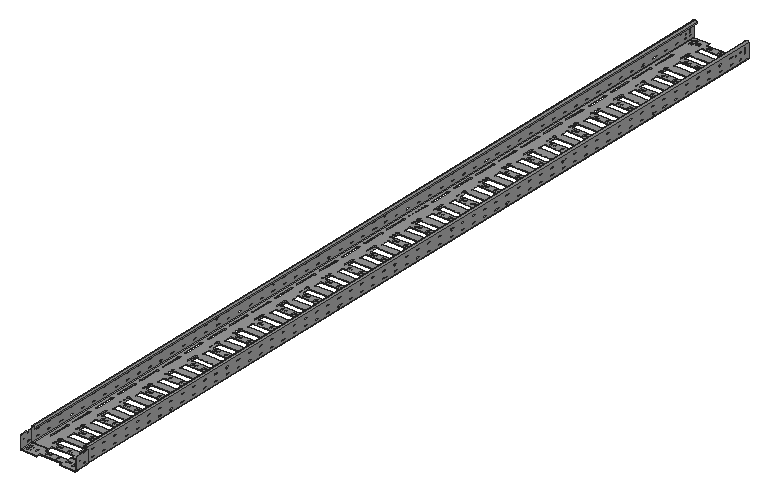
Revit family "MKSM Magic Kabelrinne 1 mm- MKSM 620 FT,FS", category Generic Models, Revit 2017 (continued)
Cuts and joins
  Extrusion 8, Extrusion 13, Extrusion 14, Extrusion 15, Extrusion 16, Extrusion 17, Extrusion 18, Extrusion 19, Extrusion 20, Extrusion 21, Extrusion 22, Extrusion 23, Extrusion 24, Extrusion 25, Extrusion 26, Extrusion 27, Extrusion 28, Extrusion 29, Extrusion 30, Extrusion 31, Extrusion 32, Extrusion 33, Extrusion 34, Extrusion 35, Extrusion 36, Extrusion 37, Extrusion 38, Extrusion 39, Extrusion 40, Extrusion 41, Extrusion 42, Extrusion 43, Extrusion 44, Extrusion 45, Extrusion 46, Extrusion 47, Extrusion 48, Extrusion 49, Extrusion 50, Extrusion 51, Extrusion 52, Extrusion 53, Extrusion 54, Extrusion 55, Extrusion 56, Extrusion 57, Extrusion 58, Extrusion 59, Extrusion 60, Extrusion 61, Extrusion 62, Extrusion 63, Extrusion 64, Extrusion 65, Extrusion 66, Extrusion 67, Extrusion 68, Extrusion 69, Extrusion 70, Extrusion 71, Extrusion 72, Extrusion 73, Extrusion 74, Extrusion 75, Extrusion 76, Extrusion 77, Extrusion 78, Extrusion 79, Extrusion 80, Extrusion 81, Extrusion 82, Extrusion 83, Extrusion 84, Extrusion 85, Extrusion 86, Extrusion 87, Extrusion 88, Extrusion 89, Extrusion 90, Extrusion 91, Extrusion 92, Extrusion 93, Extrusion 94, Extrusion 95, Extrusion 96, Extrusion 97, Extrusion 98, Extrusion 99, Extrusion 100, Extrusion 101, Extrusion 102, Extrusion 103, Extrusion 104, Extrusion 105, Extrusion 106, Extrusion 107, Extrusion 108, Extrusion 109, Extrusion 110, Extrusion 111, Extrusion 112, Extrusion 113, Extrusion 114, Extrusion 115, Extrusion 116, Extrusion 117, Extrusion 118, Extrusion 119, Extrusion 120, Extrusion 121, Extrusion 122, Extrusion 123, Extrusion 124, Extrusion 125, Extrusion 126, Extrusion 127, Extrusion 128, Extrusion 129, Extrusion 130, Extrusion 131, Extrusion 132, Extrusion 133, Extrusion 134, Extrusion 135, Extrusion 136, Extrusion 137, Extrusion 138, Extrusion 139, Extrusion 140, Extrusion 141, Extrusion 142, Extrusion 143, Extrusion 144, Extrusion 145, Extrusion 146, Extrusion 147, Extrusion 148, Extrusion 149, Extrusion 150, Extrusion 151, Extrusion 152, Extrusion 153, Extrusion 154, Extrusion 155, Extrusion 156, Extrusion 157, Extrusion 158, Extrusion 159, Extrusion 160, Extrusion 161, Extrusion 162, Extrusion 163, Extrusion 164, Extrusion 165, Extrusion 166, Extrusion 167, Extrusion 168, Extrusion 169, Extrusion 170, Extrusion 171, Extrusion 172, Extrusion 173, Extrusion 174, Extrusion 175, Extrusion 176, Extrusion 177, Extrusion 178, Extrusion 179, Extrusion 180, Extrusion 181, Extrusion 182, Extrusion 183, Extrusion 184, Extrusion 185, Extrusion 186, Extrusion 187, Extrusion 188, Extrusion 189, Extrusion 190, Extrusion 191, Extrusion 192, Extrusion 193, Extrusion 194, Extrusion 195, Extrusion 196, Extrusion 197, Extrusion 198, Extrusion 199, Extrusion 200, Extrusion 201, Extrusion 202, Extrusion 203, Extrusion 204, Extrusion 205, Extrusion 206, Extrusion 207, Extrusion 208, Extrusion 209, Extrusion 210, Extrusion 211, Extrusion 212, Extrusion 213, Extrusion 214, Extrusion 215, Extrusion 216, Extrusion 217, Extrusion 218, Extrusion 219, Extrusion 220, Extrusion 221, Extrusion 222, Extrusion 223, Extrusion 224, Extrusion 225, Extrusion 226, Extrusion 227, Extrusion 228, Extrusion 229, Extrusion 230, Extrusion 231, Extrusion 232, Extrusion 233, Extrusion 234, Extrusion 235, Extrusion 236, Extrusion 237, Extrusion 238, Extrusion 239, Extrusion 240, Extrusion 241, Extrusion 242, Extrusion 243, Extrusion 244, Extrusion 245, Extrusion 246, Extrusion 247, Extrusion 248, Extrusion 249, Extrusion 250, Extrusion 251, Extrusion 253, Extrusion 254, Extrusion 255, Extrusion 256, Extrusion 257, Extrusion 258, Extrusion 259, Extrusion 260, Extrusion 261, Extrusion 262, Extrusion 267, Extrusion 268, Extrusion 269, Extrusion 270, Extrusion 271, Extrusion 272, Extrusion 273, Extrusion 274, Extrusion 275, Extrusion 276, Extrusion 277, Extrusion 278, Extrusion 279, Extrusion 280, Extrusion 281, Extrusion 282, Extrusion 283, Extrusion 284, Extrusion 285, Extrusion 286, Extrusion 287, Extrusion 288, Extrusion 289, Extrusion 290, Extrusion 291, Extrusion 292, Extrusion 293, Extrusion 294, Extrusion 295, Extrusion 296, Extrusion 297, Extrusion 298, Extrusion 299, Extrusion 300, Extrusion 301, Extrusion 302, Extrusion 303, Extrusion 304, Extrusion 305, Extrusion 306, Extrusion 307, Extrusion 308, Extrusion 309, Extrusion 310, Extrusion 311, Extrusion 312, Extrusion 313, Extrusion 314, Extrusion 315, Extrusion 316, Extrusion 317, Extrusion 318, Extrusion 319, Extrusion 320, Extrusion 321, Extrusion 322, Extrusion 323, Extrusion 324, Extrusion 325, Extrusion 326, Extrusion 327, Extrusion 328, Extrusion 329, Extrusion 330, Extrusion 331, Extrusion 332, Extrusion 333, Extrusion 334, Extrusion 335, Extrusion 336, Extrusion 337, Extrusion 338, Extrusion 339, Extrusion 340, Extrusion 341, Extrusion 342, Extrusion 343, Extrusion 344, Extrusion 345, Extrusion 346, Extrusion 347, Extrusion 348, Extrusion 349, Extrusion 350, Extrusion 351, Extrusion 352, Extrusion 353, Extrusion 354, Extrusion 355, Extrusion 356, Extrusion 357, Extrusion 358, Extrusion 359, Extrusion 360, Extrusion 361, Extrusion 362, Extrusion 363, Extrusion 364, Extrusion 365, Extrusion 366, Extrusion 367, Extrusion 368, Extrusion 369, Extrusion 370, Extrusion 371, Extrusion 372, Extrusion 373, Extrusion 374, Extrusion 375, Extrusion 376, Extrusion 377, Extrusion 378, Extrusion 379, Extrusion 380, Extrusion 381, Extrusion 382, Extrusion 383, Extrusion 384, Extrusion 385, Extrusion 386, Extrusion 387, Extrusion 388, Extrusion 389, Extrusion 390, Extrusion 391, Extrusion 392, Extrusion 393, Extrusion 394, Extrusion 395, Extrusion 396, Extrusion 397, Extrusion 398, Extrusion 399, Extrusion 400, Extrusion 401, Extrusion 402, Extrusion 403, Extrusion 404, Extrusion 405, Extrusion 406, Extrusion 407, Extrusion 408, Extrusion 409, Extrusion 410, Extrusion 411, Extrusion 412, Extrusion 413, Extrusion 414 cuts Extrusion 1
  Extrusion 296 cuts Extrusion 266
  Extrusion 297 cuts Extrusion 265
  Extrusion 298 cuts Extrusion 263
  Extrusion 299 cuts Extrusion 264
Dimensions and locks
  Extrusion 1 sketch curve to plane 3 "Center (Left/Right)" = 100 mm
  "Width 1": plane 3 "Center (Left/Right)" to Extrusion 1 sketch curve
  locked: plane 6 to plane 7 at 9
  "Width": Extrusion 1 sketch curve to Extrusion 1 sketch curve
  locked: Extrusion 1 to Extrusion 1 at 1  (x5)
  locked: Extrusion 1 to Extrusion 1 at 12  (x2)
  "Height": Extrusion 1 to Extrusion 1
  Extrusion 2 sketch curve to Extrusion 2 sketch curve = 48.25 mm  (x2)
  "Width 2": Extrusion 2 to Extrusion 2
  "Length 1": Extrusion 1 to Extrusion 2
  locked: Extrusion 2 to plane 12 at 15
  locked: plane 13 to level at 29.6
  locked: Extrusion 3 sketch curve to Extrusion 3 sketch curve at 4
  locked: Extrusion 3 sketch curve to Extrusion 3 sketch curve at 10
  locked: cut or joined group 1 (Extrusion 2, Extrusion 3, Extrusion 4, Extrusion 5, Extrusion 6, Extrusion 7, Extrusion 8, Extrusion 9, Extrusion 10, Extrusion 11, Extrusion 12, Extrusion 252, Extrusion 253) to Extrusion 4 sketch curve at 3.084
  locked: plane 11 to plane 14 at 19.25
  locked: cut or joined group 1 to plane 15 at 28
  locked: Extrusion 5 sketch curve to Extrusion 5 sketch curve at 8.5
  locked: cut or joined group 1 to plane 18 at 30
  locked: plane 19 to level at 22.25
  locked: plane 21 to cut or joined group 1 at 15
  Extrusion 8 sketch curve to Extrusion 8 sketch curve = 8.5 mm
  Extrusion 8 sketch curve to plane 22 = 17 mm
  locked: plane 23 to level at 29.6
  Extrusion 9 sketch curve to Extrusion 9 sketch curve = 4 mm
  locked: Extrusion 9 sketch curve to plane 21 at 5
  locked: plane 21 to Extrusion 9 sketch curve at 5
  locked: plane 24 to level at 22.25
  locked: plane 1 "Center (Front/Back)" to plane 28 at 25.42
  locked: plane 26 to plane 27 at 162
  locked: Extrusion 11 sketch curve to plane 26 at 8
  locked: plane 26 to Extrusion 11 sketch curve at 8
  locked: Extrusion 11 sketch curve to plane 27 at 8  (x2)
  locked: plane 27 to Extrusion 11 sketch curve at 8  (x2)
  locked: plane 30 to plane 27 at 27
  locked: Extrusion 12 sketch curve to Extrusion 12 sketch curve at 7.011
  locked: Extrusion 12 sketch curve to plane 30 at 8
  locked: plane 30 to Extrusion 12 sketch curve at 8
  plane 31 to plane 3 "Center (Left/Right)" = 20.017 mm
  plane 3 "Center (Left/Right)" to plane 32 = 20 mm
  locked: Extrusion 12 sketch curve to plane 32 at 8
  locked: plane 32 to Extrusion 12 sketch curve at 8
  locked: plane 31 to Extrusion 12 sketch curve at 8
  locked: Extrusion 12 sketch curve to plane 31 at 8.048
  locked: plane 26 to plane 33 at 27
  locked: Extrusion 12 sketch curve to plane 33 at 8
  locked: plane 33 to Extrusion 12 sketch curve at 8
  cut or joined group 1 to Extrusion 1 = 3050 mm
  Extrusion 1 to plane 34 = 35.85 mm
  Extrusion 13 sketch curve to plane 34 = 7.5 mm
  plane 34 to Extrusion 13 sketch curve = 7.5 mm
  locked: cut or joined group 2 (Extrusion 1, Extrusion 8, Extrusion 13, Extrusion 14, Extrusion 15, Extrusion 16, Extrusion 17, Extrusion 18, Extrusion 19, Extrusion 20, Extrusion 21, Extrusion 22, Extrusion 23, Extrusion 24, Extrusion 25, Extrusion 26, Extrusion 27, Extrusion 28, Extrusion 29, Extrusion 30, Extrusion 31, Extrusion 32, Extrusion 33, Extrusion 34, Extrusion 35, Extrusion 36, Extrusion 37, Extrusion 38, Extrusion 39, Extrusion 40, Extrusion 41, Extrusion 42, Extrusion 43, Extrusion 44, Extrusion 45, Extrusion 46, Extrusion 47, Extrusion 48, Extrusion 49, Extrusion 50, Extrusion 51, Extrusion 52, Extrusion 53, Extrusion 54, Extrusion 55, Extrusion 56, Extrusion 57, Extrusion 58, Extrusion 59, Extrusion 60, Extrusion 61, Extrusion 62, Extrusion 63, Extrusion 64, Extrusion 65, Extrusion 66, Extrusion 67, Extrusion 68, Extrusion 69, Extrusion 70, Extrusion 71, Extrusion 72, Extrusion 73, Extrusion 74, Extrusion 75, Extrusion 76, Extrusion 77, Extrusion 78, Extrusion 79, Extrusion 80, Extrusion 81, Extrusion 82, Extrusion 83, Extrusion 84, Extrusion 85, Extrusion 86, Extrusion 87, Extrusion 88, Extrusion 89, Extrusion 90, Extrusion 91, Extrusion 92, Extrusion 93, Extrusion 94, Extrusion 95, Extrusion 96, Extrusion 97, Extrusion 98, Extrusion 99, Extrusion 100, Extrusion 101, Extrusion 102, Extrusion 103, Extrusion 104, Extrusion 105, Extrusion 106, Extrusion 107, Extrusion 108, Extrusion 109, Extrusion 110, Extrusion 111, Extrusion 112, Extrusion 113, Extrusion 114, Extrusion 115, Extrusion 116, Extrusion 117, Extrusion 118, Extrusion 119, Extrusion 120, Extrusion 121, Extrusion 122, Extrusion 123, Extrusion 124, Extrusion 125, Extrusion 126, Extrusion 127, Extrusion 128, Extrusion 129, Extrusion 130, Extrusion 131, Extrusion 132, Extrusion 133, Extrusion 134, Extrusion 135, Extrusion 136, Extrusion 137, Extrusion 138, Extrusion 139, Extrusion 140, Extrusion 141, Extrusion 142, Extrusion 143, Extrusion 144, Extrusion 145, Extrusion 146, Extrusion 147, Extrusion 148, Extrusion 149, Extrusion 150, Extrusion 151, Extrusion 152, Extrusion 153, Extrusion 154, Extrusion 155, Extrusion 156, Extrusion 157, Extrusion 158, Extrusion 159, Extrusion 160, Extrusion 161, Extrusion 162, Extrusion 163, Extrusion 164, Extrusion 165, Extrusion 166, Extrusion 167, Extrusion 168, Extrusion 169, Extrusion 170, Extrusion 171, Extrusion 172, Extrusion 173, Extrusion 174, Extrusion 175, Extrusion 176, Extrusion 177, Extrusion 178, Extrusion 179, Extrusion 180, Extrusion 181, Extrusion 182, Extrusion 183, Extrusion 184, Extrusion 185, Extrusion 186, Extrusion 187, Extrusion 188, Extrusion 189, Extrusion 190, Extrusion 191, Extrusion 192, Extrusion 193, Extrusion 194, Extrusion 195, Extrusion 196, Extrusion 197, Extrusion 198, Extrusion 199, Extrusion 200, Extrusion 201, Extrusion 202, Extrusion 203, Extrusion 204, Extrusion 205, Extrusion 206, Extrusion 207, Extrusion 208, Extrusion 209, Extrusion 210, Extrusion 211, Extrusion 212, Extrusion 213, Extrusion 214, Extrusion 215, Extrusion 216, Extrusion 217, Extrusion 218, Extrusion 219, Extrusion 220, Extrusion 221, Extrusion 222, Extrusion 223, Extrusion 224, Extrusion 225, Extrusion 226, Extrusion 227, Extrusion 228, Extrusion 229, Extrusion 230, Extrusion 231, Extrusion 232, Extrusion 233, Extrusion 234, Extrusion 235, Extrusion 236, Extrusion 237, Extrusion 238, Extrusion 239, Extrusion 240, Extrusion 241, Extrusion 242, Extrusion 243, Extrusion 244, Extrusion 245, Extrusion 246, Extrusion 247, Extrusion 248, Extrusion 249, Extrusion 250, Extrusion 251, Extrusion 253, Extrusion 254, Extrusion 255, Extrusion 256, Extrusion 257, Extrusion 258, Extrusion 259, Extrusion 260, Extrusion 261, Extrusion 262, Extrusion 267, Extrusion 268, Extrusion 269, Extrusion 270, Extrusion 271, Extrusion 272, Extrusion 273, Extrusion 274, Extrusion 275, Extrusion 276, Extrusion 277, Extrusion 278, Extrusion 279, Extrusion 280, Extrusion 281, Extrusion 282, Extrusion 283, Extrusion 284, Extrusion 285, Extrusion 286, Extrusion 287, Extrusion 288, Extrusion 289, Extrusion 290, Extrusion 291, Extrusion 292, Extrusion 293, Extrusion 294, Extrusion 295, Extrusion 296, Extrusion 297, Extrusion 298, Extrusion 299, Extrusion 300, Extrusion 301, Extrusion 302, Extrusion 303, Extrusion 304, Extrusion 305, Extrusion 306, Extrusion 307, Extrusion 308, Extrusion 309, Extrusion 310, Extrusion 311, Extrusion 312, Extrusion 313, Extrusion 314, Extrusion 315, Extrusion 316, Extrusion 317, Extrusion 318, Extrusion 319, Extrusion 320, Extrusion 321, Extrusion 322, Extrusion 323, Extrusion 324, Extrusion 325, Extrusion 326, Extrusion 327, Extrusion 328, Extrusion 329, Extrusion 330, Extrusion 331, Extrusion 332, Extrusion 333, Extrusion 334, Extrusion 335, Extrusion 336, Extrusion 337, Extrusion 338, Extrusion 339, Extrusion 340, Extrusion 341, Extrusion 342, Extrusion 343, Extrusion 344, Extrusion 345, Extrusion 346, Extrusion 347, Extrusion 348, Extrusion 349, Extrusion 350, Extrusion 351, Extrusion 352, Extrusion 353, Extrusion 354, Extrusion 355, Extrusion 356, Extrusion 357, Extrusion 358, Extrusion 359, Extrusion 360, Extrusion 361, Extrusion 362, Extrusion 363, Extrusion 364, Extrusion 365, Extrusion 366, Extrusion 367, Extrusion 368, Extrusion 369, Extrusion 370, Extrusion 371, Extrusion 372, Extrusion 373, Extrusion 374, Extrusion 375, Extrusion 376, Extrusion 377, Extrusion 378, Extrusion 379, Extrusion 380, Extrusion 381, Extrusion 382, Extrusion 383, Extrusion 384, Extrusion 385, Extrusion 386, Extrusion 387, Extrusion 388, Extrusion 389, Extrusion 390, Extrusion 391, Extrusion 392, Extrusion 393, Extrusion 394, Extrusion 395, Extrusion 396, Extrusion 397, Extrusion 398, Extrusion 399, Extrusion 400, Extrusion 401, Extrusion 402, Extrusion 403, Extrusion 404, Extrusion 405, Extrusion 406, Extrusion 407, Extrusion 408, Extrusion 409, Extrusion 410, Extrusion 411, Extrusion 412, Extrusion 413, Extrusion 414) to cut or joined group 3 (Extrusion 1, Extrusion 8, Extrusion 13, Extrusion 14, Extrusion 15, Extrusion 16, Extrusion 17, Extrusion 18, Extrusion 19, Extrusion 20, Extrusion 21, Extrusion 22, Extrusion 23, Extrusion 24, Extrusion 25, Extrusion 26, Extrusion 27, Extrusion 28, Extrusion 29, Extrusion 30, Extrusion 31, Extrusion 32, Extrusion 33, Extrusion 34, Extrusion 35, Extrusion 36, Extrusion 37, Extrusion 38, Extrusion 39, Extrusion 40, Extrusion 41, Extrusion 42, Extrusion 43, Extrusion 44, Extrusion 45, Extrusion 46, Extrusion 47, Extrusion 48, Extrusion 49, Extrusion 50, Extrusion 51, Extrusion 52, Extrusion 53, Extrusion 54, Extrusion 55, Extrusion 56, Extrusion 57, Extrusion 58, Extrusion 59, Extrusion 60, Extrusion 61, Extrusion 62, Extrusion 63, Extrusion 64, Extrusion 65, Extrusion 66, Extrusion 67, Extrusion 68, Extrusion 69, Extrusion 70, Extrusion 71, Extrusion 72, Extrusion 73, Extrusion 74, Extrusion 75, Extrusion 76, Extrusion 77, Extrusion 78, Extrusion 79, Extrusion 80, Extrusion 81, Extrusion 82, Extrusion 83, Extrusion 84, Extrusion 85, Extrusion 86, Extrusion 87, Extrusion 88, Extrusion 89, Extrusion 90, Extrusion 91, Extrusion 92, Extrusion 93, Extrusion 94, Extrusion 95, Extrusion 96, Extrusion 97, Extrusion 98, Extrusion 99, Extrusion 100, Extrusion 101, Extrusion 102, Extrusion 103, Extrusion 104, Extrusion 105, Extrusion 106, Extrusion 107, Extrusion 108, Extrusion 109, Extrusion 110, Extrusion 111, Extrusion 112, Extrusion 113, Extrusion 114, Extrusion 115, Extrusion 116, Extrusion 117, Extrusion 118, Extrusion 119, Extrusion 120, Extrusion 121, Extrusion 122, Extrusion 123, Extrusion 124, Extrusion 125, Extrusion 126, Extrusion 127, Extrusion 128, Extrusion 129, Extrusion 130, Extrusion 131, Extrusion 132, Extrusion 133, Extrusion 134, Extrusion 135, Extrusion 136, Extrusion 137, Extrusion 138, Extrusion 139, Extrusion 140, Extrusion 141, Extrusion 142, Extrusion 143, Extrusion 144, Extrusion 145, Extrusion 146, Extrusion 147, Extrusion 148, Extrusion 149, Extrusion 150, Extrusion 151, Extrusion 152), Extrusion
     153, Extrusion 154, Extrusion 155, Extrusion 156, Extrusion 157, Extrusion 158, Extrusion 159, Extrusion 160, Extrusion 161, Extrusion 162, Extrusion 163, Extrusion 164, Extrusion 165, Extrusion 166, Extrusion 167, Extrusion 168, Extrusion 169, Extrusion 170, Extrusion 171, Extrusion 172, Extrusion 173, Extrusion 174, Extrusion 175, Extrusion 176, Extrusion 177, Extrusion 178, Extrusion 179, Extrusion 180, Extrusion 181, Extrusion 182, Extrusion 183, Extrusion 184, Extrusion 185, Extrusion 186, Extrusion 187, Extrusion 188, Extrusion 189, Extrusion 190, Extrusion 191, Extrusion 192, Extrusion 193, Extrusion 194, Extrusion 195, Extrusion 196, Extrusion 197, Extrusion 198, Extrusion 199, Extrusion 200, Extrusion 201, Extrusion 202, Extrusion 203, Extrusion 204, Extrusion 205, Extrusion 206, Extrusion 207, Extrusion 208, Extrusion 209, Extrusion 210, Extrusion 211, Extrusion 212, Extrusion 213, Extrusion 214, Extrusion 215, Extrusion 216, Extrusion 217, Extrusion 218, Extrusion 219, Extrusion 220, Extrusion 221, Extrusion 222, Extrusion 223, Extrusion 224, Extrusion 225, Extrusion 226, Extrusion 227, Extrusion 228, Extrusion 229, Extrusion 230, Extrusion 231, Extrusion 232, Extrusion 233, Extrusion 234, Extrusion 235, Extrusion 236, Extrusion 237, Extrusion 238, Extrusion 239, Extrusion 240, Extrusion 241, Extrusion 242, Extrusion 243, Extrusion 244, Extrusion 245, Extrusion 246, Extrusion 247, Extrusion 248, Extrusion 249, Extrusion 250, Extrusion 251, Extrusion 253, Extrusion 254, Extrusion 255, Extrusion 256, Extrusion 257, Extrusion 258, Extrusion 259, Extrusion 260, Extrusion 261, Extrusion 262, Extrusion 267, Extrusion 268, Extrusion 269, Extrusion 270, Extrusion 271, Extrusion 272, Extrusion 273, Extrusion 274, Extrusion 275, Extrusion 276, Extrusion 277, Extrusion 278, Extrusion 279, Extrusion 280, Extrusion 281, Extrusion 282, Extrusion 283, Extrusion 284, Extrusion 285, Extrusion 286, Extrusion 287, Extrusion 288, Extrusion 289, Extrusion 290, Extrusion 291, Extrusion 292, Extrusion 293, Extrusion 294, Extrusion 295, Extrusion 296, Extrusion 297, Extrusion 298, Extrusion 299, Extrusion 300, Extrusion 301, Extrusion 302, Extrusion 303, Extrusion 304, Extrusion 305, Extrusion 306, Extrusion 307, Extrusion 308, Extrusion 309, Extrusion 310, Extrusion 311, Extrusion 312, Extrusion 313, Extrusion 314, Extrusion 315, Extrusion 316, Extrusion 317, Extrusion 318, Extrusion 319, Extrusion 320, Extrusion 321, Extrusion 322, Extrusion 323, Extrusion 324, Extrusion 325, Extrusion 326, Extrusion 327, Extrusion 328, Extrusion 329, Extrusion 330, Extrusion 331, Extrusion 332, Extrusion 333, Extrusion 334, Extrusion 335, Extrusion 336, Extrusion 337, Extrusion 338, Extrusion 339, Extrusion 340, Extrusion 341, Extrusion 342, Extrusion 343, Extrusion 344, Extrusion 345, Extrusion 346, Extrusion 347, Extrusion 348, Extrusion 349, Extrusion 350, Extrusion 351, Extrusion 352, Extrusion 353, Extrusion 354, Extrusion 355, Extrusion 356, Extrusion 357, Extrusion 358, Extrusion 359, Extrusion 360, Extrusion 361, Extrusion 362, Extrusion 363, Extrusion 364, Extrusion 365, Extrusion 366, Extrusion 367, Extrusion 368, Extrusion 369, Extrusion 370, Extrusion 371, Extrusion 372, Extrusion 373, Extrusion 374, Extrusion 375, Extrusion 376, Extrusion 377, Extrusion 378, Extrusion 379, Extrusion 380, Extrusion 381, Extrusion 382, Extrusion 383, Extrusion 384, Extrusion 385, Extrusion 386, Extrusion 387, Extrusion 388, Extrusion 389, Extrusion 390, Extrusion 391, Extrusion 392, Extrusion 393, Extrusion 394, Extrusion 395, Extrusion 396, Extrusion 397, Extrusion 398, Extrusion 399, Extrusion 400, Extrusion 401, Extrusion 402, Extrusion 403, Extrusion 404, Extrusion 405, Extrusion 406, Extrusion 407, Extrusion 408, Extrusion 409, Extrusion 410, Extrusion 411, Extrusion 412, Extrusion 413, Extrusion 414 at 28.35  (x2)
  locked: cut or joined group 2 to cut or joined group 3, Extrusion
     153, Extrusion 154, Extrusion 155, Extrusion 156, Extrusion 157, Extrusion 158, Extrusion 159, Extrusion 160, Extrusion 161, Extrusion 162, Extrusion 163, Extrusion 164, Extrusion 165, Extrusion 166, Extrusion 167, Extrusion 168, Extrusion 169, Extrusion 170, Extrusion 171, Extrusion 172, Extrusion 173, Extrusion 174, Extrusion 175, Extrusion 176, Extrusion 177, Extrusion 178, Extrusion 179, Extrusion 180, Extrusion 181, Extrusion 182, Extrusion 183, Extrusion 184, Extrusion 185, Extrusion 186, Extrusion 187, Extrusion 188, Extrusion 189, Extrusion 190, Extrusion 191, Extrusion 192, Extrusion 193, Extrusion 194, Extrusion 195, Extrusion 196, Extrusion 197, Extrusion 198, Extrusion 199, Extrusion 200, Extrusion 201, Extrusion 202, Extrusion 203, Extrusion 204, Extrusion 205, Extrusion 206, Extrusion 207, Extrusion 208, Extrusion 209, Extrusion 210, Extrusion 211, Extrusion 212, Extrusion 213, Extrusion 214, Extrusion 215, Extrusion 216, Extrusion 217, Extrusion 218, Extrusion 219, Extrusion 220, Extrusion 221, Extrusion 222, Extrusion 223, Extrusion 224, Extrusion 225, Extrusion 226, Extrusion 227, Extrusion 228, Extrusion 229, Extrusion 230, Extrusion 231, Extrusion 232, Extrusion 233, Extrusion 234, Extrusion 235, Extrusion 236, Extrusion 237, Extrusion 238, Extrusion 239, Extrusion 240, Extrusion 241, Extrusion 242, Extrusion 243, Extrusion 244, Extrusion 245, Extrusion 246, Extrusion 247, Extrusion 248, Extrusion 249, Extrusion 250, Extrusion 251, Extrusion 253, Extrusion 254, Extrusion 255, Extrusion 256, Extrusion 257, Extrusion 258, Extrusion 259, Extrusion 260, Extrusion 261, Extrusion 262, Extrusion 267, Extrusion 268, Extrusion 269, Extrusion 270, Extrusion 271, Extrusion 272, Extrusion 273, Extrusion 274, Extrusion 275, Extrusion 276, Extrusion 277, Extrusion 278, Extrusion 279, Extrusion 280, Extrusion 281, Extrusion 282, Extrusion 283, Extrusion 284, Extrusion 285, Extrusion 286, Extrusion 287, Extrusion 288, Extrusion 289, Extrusion 290, Extrusion 291, Extrusion 292, Extrusion 293, Extrusion 294, Extrusion 295, Extrusion 296, Extrusion 297, Extrusion 298, Extrusion 299, Extrusion 300, Extrusion 301, Extrusion 302, Extrusion 303, Extrusion 304, Extrusion 305, Extrusion 306, Extrusion 307, Extrusion 308, Extrusion 309, Extrusion 310, Extrusion 311, Extrusion 312, Extrusion 313, Extrusion 314, Extrusion 315, Extrusion 316, Extrusion 317, Extrusion 318, Extrusion 319, Extrusion 320, Extrusion 321, Extrusion 322, Extrusion 323, Extrusion 324, Extrusion 325, Extrusion 326, Extrusion 327, Extrusion 328, Extrusion 329, Extrusion 330, Extrusion 331, Extrusion 332, Extrusion 333, Extrusion 334, Extrusion 335, Extrusion 336, Extrusion 337, Extrusion 338, Extrusion 339, Extrusion 340, Extrusion 341, Extrusion 342, Extrusion 343, Extrusion 344, Extrusion 345, Extrusion 346, Extrusion 347, Extrusion 348, Extrusion 349, Extrusion 350, Extrusion 351, Extrusion 352, Extrusion 353, Extrusion 354, Extrusion 355, Extrusion 356, Extrusion 357, Extrusion 358, Extrusion 359, Extrusion 360, Extrusion 361, Extrusion 362, Extrusion 363, Extrusion 364, Extrusion 365, Extrusion 366, Extrusion 367, Extrusion 368, Extrusion 369, Extrusion 370, Extrusion 371, Extrusion 372, Extrusion 373, Extrusion 374, Extrusion 375, Extrusion 376, Extrusion 377, Extrusion 378, Extrusion 379, Extrusion 380, Extrusion 381, Extrusion 382, Extrusion 383, Extrusion 384, Extrusion 385, Extrusion 386, Extrusion 387, Extrusion 388, Extrusion 389, Extrusion 390, Extrusion 391, Extrusion 392, Extrusion 393, Extrusion 394, Extrusion 395, Extrusion 396, Extrusion 397, Extrusion 398, Extrusion 399, Extrusion 400, Extrusion 401, Extrusion 402, Extrusion 403, Extrusion 404, Extrusion 405, Extrusion 406, Extrusion 407, Extrusion 408, Extrusion 409, Extrusion 410, Extrusion 411, Extrusion 412, Extrusion 413, Extrusion 414 at 43.35  (x2)
  plane 35 to plane 36 = 27.5 mm
  Extrusion 14 sketch curve to plane 34 = 4 mm
  plane 34 to Extrusion 14 sketch curve = 4 mm
  plane 36 to Extrusion 14 sketch curve = 3.96 mm
  plane 36 to Extrusion 14 sketch curve = 4 mm
  locked: cut or joined group 2 to cut or joined group 3, Extrusion
     153, Extrusion 154, Extrusion 155, Extrusion 156, Extrusion 157, Extrusion 158, Extrusion 159, Extrusion 160, Extrusion 161, Extrusion 162, Extrusion 163, Extrusion 164, Extrusion 165, Extrusion 166, Extrusion 167, Extrusion 168, Extrusion 169, Extrusion 170, Extrusion 171, Extrusion 172, Extrusion 173, Extrusion 174, Extrusion 175, Extrusion 176, Extrusion 177, Extrusion 178, Extrusion 179, Extrusion 180, Extrusion 181, Extrusion 182, Extrusion 183, Extrusion 184, Extrusion 185, Extrusion 186, Extrusion 187, Extrusion 188, Extrusion 189, Extrusion 190, Extrusion 191, Extrusion 192, Extrusion 193, Extrusion 194, Extrusion 195, Extrusion 196, Extrusion 197, Extrusion 198, Extrusion 199, Extrusion 200, Extrusion 201, Extrusion 202, Extrusion 203, Extrusion 204, Extrusion 205, Extrusion 206, Extrusion 207, Extrusion 208, Extrusion 209, Extrusion 210, Extrusion 211, Extrusion 212, Extrusion 213, Extrusion 214, Extrusion 215, Extrusion 216, Extrusion 217, Extrusion 218, Extrusion 219, Extrusion 220, Extrusion 221, Extrusion 222, Extrusion 223, Extrusion 224, Extrusion 225, Extrusion 226, Extrusion 227, Extrusion 228, Extrusion 229, Extrusion 230, Extrusion 231, Extrusion 232, Extrusion 233, Extrusion 234, Extrusion 235, Extrusion 236, Extrusion 237, Extrusion 238, Extrusion 239, Extrusion 240, Extrusion 241, Extrusion 242, Extrusion 243, Extrusion 244, Extrusion 245, Extrusion 246, Extrusion 247, Extrusion 248, Extrusion 249, Extrusion 250, Extrusion 251, Extrusion 253, Extrusion 254, Extrusion 255, Extrusion 256, Extrusion 257, Extrusion 258, Extrusion 259, Extrusion 260, Extrusion 261, Extrusion 262, Extrusion 267, Extrusion 268, Extrusion 269, Extrusion 270, Extrusion 271, Extrusion 272, Extrusion 273, Extrusion 274, Extrusion 275, Extrusion 276, Extrusion 277, Extrusion 278, Extrusion 279, Extrusion 280, Extrusion 281, Extrusion 282, Extrusion 283, Extrusion 284, Extrusion 285, Extrusion 286, Extrusion 287, Extrusion 288, Extrusion 289, Extrusion 290, Extrusion 291, Extrusion 292, Extrusion 293, Extrusion 294, Extrusion 295, Extrusion 296, Extrusion 297, Extrusion 298, Extrusion 299, Extrusion 300, Extrusion 301, Extrusion 302, Extrusion 303, Extrusion 304, Extrusion 305, Extrusion 306, Extrusion 307, Extrusion 308, Extrusion 309, Extrusion 310, Extrusion 311, Extrusion 312, Extrusion 313, Extrusion 314, Extrusion 315, Extrusion 316, Extrusion 317, Extrusion 318, Extrusion 319, Extrusion 320, Extrusion 321, Extrusion 322, Extrusion 323, Extrusion 324, Extrusion 325, Extrusion 326, Extrusion 327, Extrusion 328, Extrusion 329, Extrusion 330, Extrusion 331, Extrusion 332, Extrusion 333, Extrusion 334, Extrusion 335, Extrusion 336, Extrusion 337, Extrusion 338, Extrusion 339, Extrusion 340, Extrusion 341, Extrusion 342, Extrusion 343, Extrusion 344, Extrusion 345, Extrusion 346, Extrusion 347, Extrusion 348, Extrusion 349, Extrusion 350, Extrusion 351, Extrusion 352, Extrusion 353, Extrusion 354, Extrusion 355, Extrusion 356, Extrusion 357, Extrusion 358, Extrusion 359, Extrusion 360, Extrusion 361, Extrusion 362, Extrusion 363, Extrusion 364, Extrusion 365, Extrusion 366, Extrusion 367, Extrusion 368, Extrusion 369, Extrusion 370, Extrusion 371, Extrusion 372, Extrusion 373, Extrusion 374, Extrusion 375, Extrusion 376, Extrusion 377, Extrusion 378, Extrusion 379, Extrusion 380, Extrusion 381, Extrusion 382, Extrusion 383, Extrusion 384, Extrusion 385, Extrusion 386, Extrusion 387, Extrusion 388, Extrusion 389, Extrusion 390, Extrusion 391, Extrusion 392, Extrusion 393, Extrusion 394, Extrusion 395, Extrusion 396, Extrusion 397, Extrusion 398, Extrusion 399, Extrusion 400, Extrusion 401, Extrusion 402, Extrusion 403, Extrusion 404, Extrusion 405, Extrusion 406, Extrusion 407, Extrusion 408, Extrusion 409, Extrusion 410, Extrusion 411, Extrusion 412, Extrusion 413, Extrusion 414 at 31.85
  locked: cut or joined group 2 to cut or joined group 3, Extrusion
     153, Extrusion 154, Extrusion 155, Extrusion 156, Extrusion 157, Extrusion 158, Extrusion 159, Extrusion 160, Extrusion 161, Extrusion 162, Extrusion 163, Extrusion 164, Extrusion 165, Extrusion 166, Extrusion 167, Extrusion 168, Extrusion 169, Extrusion 170, Extrusion 171, Extrusion 172, Extrusion 173, Extrusion 174, Extrusion 175, Extrusion 176, Extrusion 177, Extrusion 178, Extrusion 179, Extrusion 180, Extrusion 181, Extrusion 182, Extrusion 183, Extrusion 184, Extrusion 185, Extrusion 186, Extrusion 187, Extrusion 188, Extrusion 189, Extrusion 190, Extrusion 191, Extrusion 192, Extrusion 193, Extrusion 194, Extrusion 195, Extrusion 196, Extrusion 197, Extrusion 198, Extrusion 199, Extrusion 200, Extrusion 201, Extrusion 202, Extrusion 203, Extrusion 204, Extrusion 205, Extrusion 206, Extrusion 207, Extrusion 208, Extrusion 209, Extrusion 210, Extrusion 211, Extrusion 212, Extrusion 213, Extrusion 214, Extrusion 215, Extrusion 216, Extrusion 217, Extrusion 218, Extrusion 219, Extrusion 220, Extrusion 221, Extrusion 222, Extrusion 223, Extrusion 224, Extrusion 225, Extrusion 226, Extrusion 227, Extrusion 228, Extrusion 229, Extrusion 230, Extrusion 231, Extrusion 232, Extrusion 233, Extrusion 234, Extrusion 235, Extrusion 236, Extrusion 237, Extrusion 238, Extrusion 239, Extrusion 240, Extrusion 241, Extrusion 242, Extrusion 243, Extrusion 244, Extrusion 245, Extrusion 246, Extrusion 247, Extrusion 248, Extrusion 249, Extrusion 250, Extrusion 251, Extrusion 253, Extrusion 254, Extrusion 255, Extrusion 256, Extrusion 257, Extrusion 258, Extrusion 259, Extrusion 260, Extrusion 261, Extrusion 262, Extrusion 267, Extrusion 268, Extrusion 269, Extrusion 270, Extrusion 271, Extrusion 272, Extrusion 273, Extrusion 274, Extrusion 275, Extrusion 276, Extrusion 277, Extrusion 278, Extrusion 279, Extrusion 280, Extrusion 281, Extrusion 282, Extrusion 283, Extrusion 284, Extrusion 285, Extrusion 286, Extrusion 287, Extrusion 288, Extrusion 289, Extrusion 290, Extrusion 291, Extrusion 292, Extrusion 293, Extrusion 294, Extrusion 295, Extrusion 296, Extrusion 297, Extrusion 298, Extrusion 299, Extrusion 300, Extrusion 301, Extrusion 302, Extrusion 303, Extrusion 304, Extrusion 305, Extrusion 306, Extrusion 307, Extrusion 308, Extrusion 309, Extrusion 310, Extrusion 311, Extrusion 312, Extrusion 313, Extrusion 314, Extrusion 315, Extrusion 316, Extrusion 317, Extrusion 318, Extrusion 319, Extrusion 320, Extrusion 321, Extrusion 322, Extrusion 323, Extrusion 324, Extrusion 325, Extrusion 326, Extrusion 327, Extrusion 328, Extrusion 329, Extrusion 330, Extrusion 331, Extrusion 332, Extrusion 333, Extrusion 334, Extrusion 335, Extrusion 336, Extrusion 337, Extrusion 338, Extrusion 339, Extrusion 340, Extrusion 341, Extrusion 342, Extrusion 343, Extrusion 344, Extrusion 345, Extrusion 346, Extrusion 347, Extrusion 348, Extrusion 349, Extrusion 350, Extrusion 351, Extrusion 352, Extrusion 353, Extrusion 354, Extrusion 355, Extrusion 356, Extrusion 357, Extrusion 358, Extrusion 359, Extrusion 360, Extrusion 361, Extrusion 362, Extrusion 363, Extrusion 364, Extrusion 365, Extrusion 366, Extrusion 367, Extrusion 368, Extrusion 369, Extrusion 370, Extrusion 371, Extrusion 372, Extrusion 373, Extrusion 374, Extrusion 375, Extrusion 376, Extrusion 377, Extrusion 378, Extrusion 379, Extrusion 380, Extrusion 381, Extrusion 382, Extrusion 383, Extrusion 384, Extrusion 385, Extrusion 386, Extrusion 387, Extrusion 388, Extrusion 389, Extrusion 390, Extrusion 391, Extrusion 392, Extrusion 393, Extrusion 394, Extrusion 395, Extrusion 396, Extrusion 397, Extrusion 398, Extrusion 399, Extrusion 400, Extrusion 401, Extrusion 402, Extrusion 403, Extrusion 404, Extrusion 405, Extrusion 406, Extrusion 407, Extrusion 408, Extrusion 409, Extrusion 410, Extrusion 411, Extrusion 412, Extrusion 413, Extrusion 414 at 39.85
  plane 37 to Extrusion 15 sketch curve = 3.5 mm  (x2)
